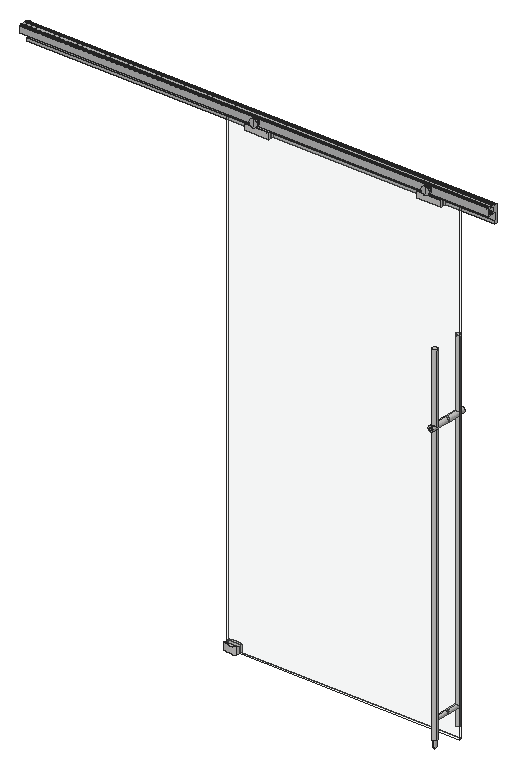
Revit family "Doors_Sliding_Avanti_Systems_Cloud-Assisted-Close-Premium-Sliding-Glass-Door_Glass-Mount-Dbl-Glazed", category Doors, Revit 2015 (continued)
Definition of nested family "Handle"
  Definition of nested family "Handle_For-Glass_Rounded_600mm"
    Parameters (values of type "Handle_For-Glass_Rounded_600mm")
      Handle Material [instance] = none
      Handle Height [instance] = 48"  # constant formula
      Default Elevation = 48"
    Reference planes (in)
      plane 1 "Center (Front/Back)": y = 0
      plane 2: z = 26.93599
      plane 3 "Center (Left/Right)": x = 0
      plane 4: z = 0
      plane 5: z = -2.66749
      plane 6: y = -28.44876
      plane 7: y = 14.63423
      plane 8: y = -33.36577
    Forms (in)
      Sweep 1, solid, material <- "Handle Material"
        path origin (0, -17.24158, 0) x (0, 0, 1) y (0, -1, 0)
          loop
            line (-2.10925, 11.20718) -> (0, 11.20718)
        profile origin (0, -28.44876, 0) x (0, -1, 0) y (1, 0, 0)
          loop
            circle (0, 0) r 0.3125
      Sweep 2, solid, material <- "Handle Material"
        path origin (0, 10.76459, 0) x (0, 0, 1) y (0, -1, 0)
          loop
            line (-2.30394, 1.07019) -> (0, 1.07019)
        profile origin (0, 9.69441, 0) x (0, -1, 0) y (1, 0, 0)
          loop
            circle (0, 0) r 0.3125
      Extrusion 3, solid, material <- "Handle Material"
        sketch origin (0, -17.24158, 0) x (1, 0, 0) y (0, 0, -1)
          loop
            circle (0, 2.27257) r 0.39445
        from -16.12419 to 31.87581
    Dimensions and locks (in)
      locked: plane 8 to plane 6 at 4.91701
      "Handle Height": plane 7 to plane 8
      aligned and locked: plane 7 to Extrusion 3
      aligned and locked: Extrusion 3 to plane 8
  Definition of nested family "Handle_For-Glass_Rounded_60in"
    Parameters (values of type "60"")
      No locker [instance] = yes
      Locker [instance] = yes
      Handle Material [instance] = none
      Handle Height [instance] = 60"  # constant formula
    Reference planes (in)
      plane 1 "Center (Front/Back)": y = 0
      plane 2: z = 19.87581
      plane 3 "Center (Left/Right)": x = 0
      plane 4: z = 2.66749
      plane 5: y = -36.97039
      plane 6: z = 0
      plane 7: y = 20.02961
      plane 8: y = -39.97039
    Forms (in)
      Sweep 1, solid, material <- "Handle Material"
        path origin (0, -11.8462, 0) x (0, 0, -1) y (0, 1, 0)
          loop
            line (-2.10925, -25.12419) -> (0, -25.12419)
        profile origin (0, -36.97039, 0) x (1, 0, 0) y (0, 1, 0)
          loop
            circle (0, 0) r 0.3125
      Sweep 2, solid, material <- "Handle Material"
        path origin (0, 16.15997, 0) x (0, 0, -1) y (0, 1, 0)
          loop
            line (-3.10757, -8.13036) -> (0, -8.13036)
        profile origin (0, 8.02961, 0) x (1, 0, 0) y (0, 1, 0)
          loop
            circle (0, 0) r 0.4375
      Extrusion 3, solid, material <- "Handle Material"
        sketch origin (0, -11.8462, 0) x (1, 0, 0) y (0, 0, -1)
          loop
            circle (0, -2.27257) r 0.39445
        from -28.12419 to 31.87581
      Revolve 4, solid, material <- "Handle Material"
        sketch origin (0, -11.8462, 0) x (0, 0, -1) y (0, 1, 0)
          loop
            line (-3.10757, 20.0489) -> (-3.19084, 20.0489) -> (-3.19084, 19.87581) -> (-3.10757, 19.87581) -> (-3.10757, 20.0489)
          axis (-3.10757, 19.87581) -> (-3.19084, 19.87581)
        angle from 0 to 360
      Extrusion 5, solid, material <- "Handle Material", visible <- "Locker"
        sketch origin (0, -11.8462, 0) x (0, 0, -1) y (0, 1, 0)
          loop
            line (-3.19084, 19.98905) -> (-3.34908, 19.98905)
            arc (-3.34908, 19.98905) -> (-3.37904, 19.97664) -> (-3.39145, 19.94668) r 0.04237
            line (-3.39145, 19.94668) -> (-3.39145, 19.80495)
            arc (-3.39145, 19.80495) -> (-3.37904, 19.77499) -> (-3.34908, 19.76258) r 0.04237
            line (-3.34908, 19.76258) -> (-3.19084, 19.76258) -> (-3.19084, 19.98905)
        from -0.03592 to 0.03621
      Revolve 6, solid, material <- "Handle Material", visible <- "No locker"
        sketch origin (0, -11.62359, 0) x (0, 0, -1) y (0, 1, 0)
          loop
            line (-3.10757, 20.0489) -> (-3.20833, 20.0489) -> (-3.20833, 19.87581) -> (-3.10757, 19.87581) -> (-3.10757, 20.0489)
          axis (-3.10757, 19.87581) -> (-3.20833, 19.87581)
        angle from 0 to 360
      Revolve 7, solid, material <- "Handle Material", visible <- "Locker"
        sketch origin (0, -11.8462, 0) x (0, 0, -1) y (0, 1, 0)
          loop
            line (-2.27257, -28.12419) -> (-2.50833, -28.12419) -> (-2.50833, -29.32199) -> (-2.41048, -29.49919) -> (-2.27257, -29.49919) -> (-2.27257, -28.12419)
          axis (-2.27257, -28.12419) -> (-2.27257, -29.49919)
        angle from 0 to 360
    Lines and regions (in)
      reference lines
        curve 1: line (0, -40.47039, 2.66749) -> (0, -40.47039, 0)
    Dimensions and locks (in)
      locked: plane 8 to plane 5 at 3
      "Handle Height": plane 7 to plane 8
      aligned and locked: Extrusion 3 to plane 7
      aligned and locked: Extrusion 3 to plane 8
      aligned and locked: Sweep 1 sketch curve to plane 5
  Definition of nested family "Handle_For-Glass_Rounded_60in2"
    Parameters (values of type "60"")
      No locker [instance] = yes
      Locker [instance] = yes
      Handle Material [instance] = none
      Handle Height [instance] = 60"  # constant formula
    Reference planes (in)
      plane 1 "Center (Front/Back)": y = 0
      plane 2: z = 19.87581
      plane 3 "Center (Left/Right)": x = 0
      plane 4: y = -36.97039
      plane 5: z = 0
      plane 6: y = 20.02961
      plane 7: y = -39.97039
      plane 8: z = -2.66749
    Forms (in)
      Sweep 1, solid, material <- "Handle Material"
        path origin (0, -11.8462, 0) x (0, 0, 1) y (0, 1, 0)
          loop
            line (-2.10925, -25.12419) -> (0, -25.12419)
        profile origin (0, -36.97039, 0) x (0, -1, 0) y (1, 0, 0)
          loop
            circle (0, 0) r 0.3125
      Sweep 2, solid, material <- "Handle Material"
        path origin (0, 16.15997, 0) x (0, 0, 1) y (0, 1, 0)
          loop
            line (-3.10757, -8.13036) -> (0, -8.13036)
        profile origin (0, 8.02961, 0) x (0, -1, 0) y (1, 0, 0)
          loop
            circle (0, 0) r 0.4375
      Extrusion 3, solid, material <- "Handle Material"
        sketch origin (0, -11.8462, 0) x (1, 0, 0) y (0, 0, -1)
          loop
            circle (0, 2.27257) r 0.39445
        from -28.12419 to 31.87581
      Revolve 4, solid, material <- "Handle Material"
        sketch origin (0, -11.8462, 0) x (0, 0, 1) y (0, 1, 0)
          loop
            line (-3.10757, 20.0489) -> (-3.19084, 20.0489) -> (-3.19084, 19.87581) -> (-3.10757, 19.87581) -> (-3.10757, 20.0489)
          axis (-3.10757, 19.87581) -> (-3.19084, 19.87581)
        angle from 0 to 360
      Extrusion 5, solid, material <- "Handle Material", visible <- "Locker"
        sketch origin (0, -11.8462, 0) x (0, 0, 1) y (0, -1, 0)
          loop
            line (-3.19084, -19.98905) -> (-3.19084, -19.76258) -> (-3.34908, -19.76258)
            arc (-3.34908, -19.76258) -> (-3.37904, -19.77499) -> (-3.39145, -19.80495) r 0.04237
            line (-3.39145, -19.80495) -> (-3.39145, -19.94668)
            arc (-3.39145, -19.94668) -> (-3.37904, -19.97664) -> (-3.34908, -19.98905) r 0.04237
            line (-3.34908, -19.98905) -> (-3.19084, -19.98905)
        from -0.03592 to 0.03621
      Revolve 6, solid, material <- "Handle Material", visible <- "No locker"
        sketch origin (0, -11.62359, 0) x (0, 0, 1) y (0, 1, 0)
          loop
            line (-3.10757, 20.0489) -> (-3.20833, 20.0489) -> (-3.20833, 19.87581) -> (-3.10757, 19.87581) -> (-3.10757, 20.0489)
          axis (-3.10757, 19.87581) -> (-3.20833, 19.87581)
        angle from 0 to 360
      Revolve 7, solid, material <- "Handle Material", visible <- "Locker"
        sketch origin (0, -11.8462, 0) x (0, 0, 1) y (0, 1, 0)
          loop
            line (-2.27257, -28.12419) -> (-2.50833, -28.12419) -> (-2.50833, -29.32199) -> (-2.41048, -29.49919) -> (-2.27257, -29.49919) -> (-2.27257, -28.12419)
          axis (-2.27257, -28.12419) -> (-2.27257, -29.49919)
        angle from 0 to 360
    Lines and regions (in)
      reference lines
        curve 1: line (0, -40.47039, -2.66749) -> (0, -40.47039, 0)
    Dimensions and locks (in)
      locked: plane 7 to plane 4 at 3
      "Handle Height": plane 6 to plane 7
Definition of nested family "Trolley"
  Parameters (values of type "Family9")
    Thickness = 1/2"
    Side Width = (211/256" - Thickness) / 2  # 0.16211"
  Reference planes (in)
    plane 1 "Center (Front/Back)": y = 0
    plane 2: z = 0
    plane 3 "Center (Left/Right)": x = 0
    plane 4: x = -0.04013
  Lines and regions (in)
    model lines, in view "Ref. Level"
      curve 1: arc (-0.2825, 0.12022, 0) -> (-0.28668, 0.12104, 0) -> (-0.29068, 0.11957, 0) r 0.00786
      curve 2: arc (-0.33049, 0.09064, 0) -> (-0.32538, 0.08057, 0) -> (-0.32836, 0.06967, 0) r 0.0157
      curve 3: arc (-0.32836, 0.06967, 0) -> (-0.33789, 0.0636, 0) -> (-0.34903, 0.0655, 0) r 0.0157
      curve 4: arc (-0.34903, 0.0655, 0) -> (-0.356, 0.07439, 0) -> (-0.3552, 0.08566, 0) r 0.01571
      curve 5: arc (-0.313, 0.99934, 0) -> (-0.30945, 0.99723, 0) -> (-0.30532, 0.99722, 0) r 0.00782
      curve 6: arc (-0.26743, 1.00737, 0) -> (-0.26114, 1.01157, 0) -> (-0.2587, 1.01873, 0) r 0.01177
      curve 7: arc (-0.2587, 1.02833, 0) -> (-0.2596, 1.03284, 0) -> (-0.26215, 1.03666, 0) r 0.01176
      curve 8: arc (-0.26215, 1.03666, 0) -> (-0.26597, 1.03921, 0) -> (-0.27048, 1.04011, 0) r 0.01176
      curve 9: arc (-0.28547, 1.04011, 0) -> (-0.28908, 1.04098, 0) -> (-0.29188, 1.04342, 0) r 0.00785
      curve 10: arc (-0.29188, 1.04342, 0) -> (-0.29324, 1.04687, 0) -> (-0.29287, 1.05056, 0) r 0.00788
      curve 11: arc (-0.26794, 1.12119, 0) -> (-0.26078, 1.13066, 0) -> (-0.24946, 1.13426, 0) r 0.01959
      curve 12: arc (0.16445, 1.13426, 0) -> (0.17577, 1.13066, 0) -> (0.18294, 1.12119, 0) r 0.0196
      curve 13: arc (0.20786, 1.05057, 0) -> (0.20823, 1.04687, 0) -> (0.20686, 1.04342, 0) r 0.00784
      curve 14: arc (0.20686, 1.04342, 0) -> (0.20406, 1.04098, 0) -> (0.20046, 1.04011, 0) r 0.00781
      curve 15: arc (0.18546, 1.04011, 0) -> (0.18096, 1.03921, 0) -> (0.17715, 1.03666, 0) r 0.01173
      curve 16: arc (0.17715, 1.03666, 0) -> (0.1746, 1.03284, 0) -> (0.1737, 1.02833, 0) r 0.01176
      curve 17: arc (0.1737, 1.01873, 0) -> (0.17613, 1.01157, 0) -> (0.18243, 1.00737, 0) r 0.01177
      curve 18: arc (0.22032, 0.99722, 0) -> (0.22444, 0.99723, 0) -> (0.22799, 0.99933, 0) r 0.00782
      curve 19: arc (0.52132, 0.21601, 0) -> (0.49404, 0.21155, 0) -> (0.4718, 0.19513, 0) r 0.05889
      curve 20: arc (0.27018, 0.08566, 0) -> (0.271, 0.07439, 0) -> (0.26403, 0.0655, 0) r 0.01569
      curve 21: arc (0.26403, 0.0655, 0) -> (0.25289, 0.0636, 0) -> (0.24336, 0.06967, 0) r 0.0157
      curve 22: arc (0.24336, 0.06967, 0) -> (0.24038, 0.08057, 0) -> (0.24549, 0.09064, 0) r 0.0157
      curve 23: arc (0.20568, 0.11957, 0) -> (0.20168, 0.12104, 0) -> (0.1975, 0.12022, 0) r 0.00786
      curve 24: arc (0.1975, 0.12022, 0) -> (0.19438, 0.11732, 0) -> (0.19322, 0.11322, 0) r 0.00786
      curve 25: arc (0.58274, 0.02928, 0) -> (0.59239, 0.03476, 0) -> (0.60342, 0.03597, 0) r 0.02744
      curve 26: arc (0.60342, 0.03597, 0) -> (0.61403, 0.03272, 0) -> (0.62249, 0.02554, 0) r 0.02742
      curve 27: arc (-0.57127, 1.12367, 0) -> (-0.58582, 1.12454, 0) -> (-0.59686, 1.13406, 0) r 0.02276
      curve 28: arc (-0.60372, 1.14568, 0) -> (-0.61799, 1.15798, 0) -> (-0.6368, 1.1591, 0) r 0.02941
      curve 29: arc (-0.6368, 1.1591, 0) -> (-0.65243, 1.14858, 0) -> (-0.65847, 1.13073, 0) r 0.0294
      curve 30: arc (-0.65847, 0.03882, 0) -> (-0.65411, 0.02544, 0) -> (-0.64271, 0.01718, 0) r 0.02273
      curve 31: arc (-0.64271, 0.01718, 0) -> (-0.62862, 0.01722, 0) -> (-0.61725, 0.02554, 0) r 0.02277
      curve 32: arc (-0.61725, 0.02554, 0) -> (-0.6088, 0.03272, 0) -> (-0.59819, 0.03597, 0) r 0.0274
      curve 33: arc (-0.59819, 0.03597, 0) -> (-0.58715, 0.03476, 0) -> (-0.5775, 0.02927, 0) r 0.02746
      curve 34: arc (-0.27831, 0.11205, 0) -> (-0.27909, 0.11681, 0) -> (-0.2825, 0.12022, 0) r 0.00786
      curve 35: arc (0.55629, 1.27597, 0) -> (0.55247, 1.27852, 0) -> (0.54796, 1.27942, 0) r 0.01177
      curve 36: arc (0.51266, 1.27942, 0) -> (0.50815, 1.27852, 0) -> (0.50433, 1.27597, 0) r 0.01178
      curve 37: arc (0.50433, 1.27597, 0) -> (0.50178, 1.27215, 0) -> (0.50088, 1.26764, 0) r 0.01177
      curve 38: arc (0.50088, 1.09535, 0) -> (0.50004, 1.09182, 0) -> (0.49771, 1.08905, 0) r 0.00784
      curve 39: arc (0.49771, 1.08905, 0) -> (0.49437, 1.08761, 0) -> (0.49075, 1.08785, 0) r 0.0078
      curve 40: arc (0.26301, 1.27156, 0) -> (0.25872, 1.27725, 0) -> (0.25192, 1.27942, 0) r 0.01175
      curve 41: arc (0.23097, 1.27942, 0) -> (0.22336, 1.27664, 0) -> (0.21935, 1.2696, 0) r 0.01178
      curve 42: arc (0.21935, 1.2696, 0) -> (0.21534, 1.26258, 0) -> (0.20775, 1.2598, 0) r 0.01176
      curve 43: arc (0.06735, 1.2598, 0) -> (0.05975, 1.26258, 0) -> (0.05574, 1.26962, 0) r 0.01178
      curve 44: arc (0.05574, 1.26962, 0) -> (0.05173, 1.27664, 0) -> (0.04414, 1.27942, 0) r 0.01176
      curve 45: arc (-0.12881, 1.27942, 0) -> (-0.13332, 1.27852, 0) -> (-0.13714, 1.27597, 0) r 0.01178
      curve 46: arc (-0.13714, 1.27597, 0) -> (-0.13969, 1.27214, 0) -> (-0.14058, 1.26764, 0) r 0.01181
      curve 47: arc (-0.48495, 1.0705, 0) -> (-0.48884, 1.07003, 0) -> (-0.49247, 1.0715, 0) r 0.00786
      curve 48: arc (-0.49247, 1.0715, 0) -> (-0.49481, 1.07427, 0) -> (-0.49565, 1.0778, 0) r 0.00782
      curve 49: arc (-0.49565, 1.26764, 0) -> (-0.49655, 1.27215, 0) -> (-0.49911, 1.27597, 0) r 0.01177
      curve 50: arc (-0.49911, 1.27597, 0) -> (-0.50292, 1.27852, 0) -> (-0.50743, 1.27942, 0) r 0.01176
      curve 51: arc (-0.54273, 1.27942, 0) -> (-0.54724, 1.27852, 0) -> (-0.55106, 1.27597, 0) r 0.01178
      curve 52: arc (-0.55106, 1.27597, 0) -> (-0.55361, 1.27215, 0) -> (-0.55451, 1.26764, 0) r 0.0118
      curve 53: arc (-0.55451, 1.14563, 0) -> (-0.55918, 1.13182, 0) -> (-0.57127, 1.12367, 0) r 0.02275
      curve 54: arc (-0.14058, 1.25588, 0) -> (-0.14403, 1.24755, 0) -> (-0.15236, 1.2441, 0) r 0.01178
      curve 55: arc (-0.24652, 1.2441, 0) -> (-0.25102, 1.245, 0) -> (-0.25484, 1.24755, 0) r 0.01176
      curve 56: arc (-0.25484, 1.24755, 0) -> (-0.2574, 1.25137, 0) -> (-0.25829, 1.25588, 0) r 0.01178
      curve 57: arc (-0.25829, 1.26764, 0) -> (-0.25919, 1.27215, 0) -> (-0.26174, 1.27597, 0) r 0.0118
      curve 58: arc (-0.26174, 1.27597, 0) -> (-0.26556, 1.27852, 0) -> (-0.27007, 1.27942, 0) r 0.01178
      curve 59: arc (-0.29116, 1.27942, 0) -> (-0.29796, 1.27726, 0) -> (-0.30226, 1.27156, 0) r 0.01176
      curve 60: arc (0.55629, 1.27597, 0) -> (0.55885, 1.27215, 0) -> (0.55974, 1.26764, 0) r 0.01177
      curve 61: arc (0.55974, 1.14562, 0) -> (0.56441, 1.13181, 0) -> (0.5765, 1.12367, 0) r 0.02274
      curve 62: arc (0.5765, 1.12367, 0) -> (0.59105, 1.12454, 0) -> (0.60208, 1.13406, 0) r 0.02275
      curve 63: arc (0.60894, 1.14568, 0) -> (0.62322, 1.15798, 0) -> (0.64204, 1.1591, 0) r 0.02941
      curve 64: arc (0.64204, 1.1591, 0) -> (0.65767, 1.14858, 0) -> (0.66371, 1.13072, 0) r 0.02941
      curve 65: arc (0.66371, 0.03884, 0) -> (0.65935, 0.02544, 0) -> (0.64793, 0.01718, 0) r 0.02274
      curve 66: arc (0.64793, 0.01718, 0) -> (0.63385, 0.01722, 0) -> (0.62249, 0.02554, 0) r 0.02275
      curve 67: line (-0.29068, 0.11957, 0) -> (-0.33049, 0.09064, 0)
      curve 68: line (-0.3552, 0.08566, 0) -> (-0.49989, 0.12715, 0)
      curve 69: line (-0.49989, 0.12715, 0) -> (-0.58001, 0.22263, 0)
      curve 70: line (-0.58001, 0.22263, 0) -> (-0.58393, 0.22892, 0)
      curve 71: line (-0.58393, 0.93514, 0) -> (-0.55667, 0.9624, 0)
      curve 72: line (-0.55667, 0.9624, 0) -> (-0.341, 1.02833, 0)
      curve 73: line (-0.341, 1.02833, 0) -> (-0.313, 0.99934, 0)
      curve 74: line (-0.30532, 0.99722, 0) -> (-0.26743, 1.00737, 0)
      curve 75: line (-0.2587, 1.01873, 0) -> (-0.2587, 1.02833, 0)
      curve 76: line (-0.27048, 1.04011, 0) -> (-0.28547, 1.04011, 0)
      curve 77: line (-0.29287, 1.05056, 0) -> (-0.26794, 1.12119, 0)
      curve 78: line (-0.24946, 1.13426, 0) -> (0.16445, 1.13426, 0)
      curve 79: line (0.18294, 1.12119, 0) -> (0.20786, 1.05057, 0)
      curve 80: line (0.20046, 1.04011, 0) -> (0.18546, 1.04011, 0)
      curve 81: line (0.1737, 1.02833, 0) -> (0.1737, 1.01873, 0)
      curve 82: line (0.18243, 1.00737, 0) -> (0.22032, 0.99722, 0)
      curve 83: line (0.22799, 0.99933, 0) -> (0.25599, 1.02833, 0)
      curve 84: line (0.25599, 1.02833, 0) -> (0.47101, 0.96259, 0)
      curve 85: line (0.47101, 0.96259, 0) -> (0.50677, 0.96259, 0)
      curve 86: line (0.50677, 0.96259, 0) -> (0.53424, 0.93514, 0)
      curve 87: line (0.53424, 0.22892, 0) -> (0.52132, 0.21601, 0)
      curve 88: line (0.4718, 0.19513, 0) -> (0.41471, 0.1271, 0)
      curve 89: line (0.41471, 0.1271, 0) -> (0.27018, 0.08566, 0)
      curve 90: line (0.24549, 0.09064, 0) -> (0.20568, 0.11957, 0)
      curve 91: line (0.19322, 0.11322, 0) -> (0.19322, 0.05728, 0)
      curve 92: line (0.19322, 0.05728, 0) -> (0.26175, -0.01531, 0)
      curve 93: line (0.26175, -0.01531, 0) -> (0.53168, -0.01531, 0)
      curve 94: line (0.53168, -0.01531, 0) -> (0.58274, 0.02928, 0)
      curve 95: line (-0.59686, 1.13406, 0) -> (-0.60372, 1.14568, 0)
      curve 96: line (-0.65847, 1.19047, 0) -> (-0.65847, -0.03351, 0)
      curve 97: line (-0.5775, 0.02927, 0) -> (-0.53088, -0.01161, 0)
      curve 98: line (-0.53088, -0.01161, 0) -> (-0.34689, -0.01531, 0)
      curve 99: line (-0.34689, -0.01531, 0) -> (-0.27831, 0.05327, 0)
      curve 100: line (-0.27831, 0.05327, 0) -> (-0.27831, 0.11205, 0)
      curve 101: line (0.54796, 1.27942, 0) -> (0.51266, 1.27942, 0)
      curve 102: line (0.50088, 1.26764, 0) -> (0.50088, 1.09535, 0)
      curve 103: line (0.49075, 1.08785, 0) -> (0.30814, 1.14368, 0)
      curve 104: line (0.30814, 1.14368, 0) -> (0.26301, 1.27156, 0)
      curve 105: line (0.25192, 1.27942, 0) -> (0.23097, 1.27942, 0)
      curve 106: line (0.20775, 1.2598, 0) -> (0.06735, 1.2598, 0)
      curve 107: line (0.04414, 1.27942, 0) -> (-0.12881, 1.27942, 0)
      curve 108: line (-0.14058, 1.26764, 0) -> (-0.14058, 1.25588, 0)
      curve 109: line (-0.49565, 1.0778, 0) -> (-0.49565, 1.26764, 0)
      curve 110: line (-0.50743, 1.27942, 0) -> (-0.54273, 1.27942, 0)
      curve 111: line (-0.55451, 1.26764, 0) -> (-0.55451, 1.14563, 0)
      curve 112: line (-0.15236, 1.2441, 0) -> (-0.24652, 1.2441, 0)
      curve 113: line (-0.25829, 1.25588, 0) -> (-0.25829, 1.26764, 0)
      curve 114: line (-0.27007, 1.27942, 0) -> (-0.29116, 1.27942, 0)
      curve 115: line (-0.30226, 1.27156, 0) -> (-0.3597, 1.10877, 0)
      curve 116: line (-0.3597, 1.10877, 0) -> (-0.48495, 1.0705, 0)
      curve 117: line (0.55974, 1.26764, 0) -> (0.55974, 1.14562, 0)
      curve 118: line (0.60208, 1.13406, 0) -> (0.60894, 1.14568, 0)
      curve 119: line (0.66371, 1.13072, 0) -> (0.66371, 0.03884, 0)
      curve 120: line (0.1189, 0.97126, 0) -> (0.1189, 0.94444, 0)
      curve 121: line (0.07255, -0.06751, 0) -> (0.1028, -0.0876, 0)
      curve 122: line (0.1028, -0.0876, 0) -> (0.07707, -0.10712, 0)
      curve 123: line (0.07707, -0.10712, 0) -> (0.103, -0.12286, 0)
      curve 124: line (0.103, -0.12286, 0) -> (0.0766, -0.14279, 0)
      curve 125: line (0.0766, -0.14279, 0) -> (0.10211, -0.15841, 0)
      curve 126: line (0.10211, -0.15841, 0) -> (0.07759, -0.17634, 0)
      curve 127: line (0.07759, -0.17634, 0) -> (0.10233, -0.192, 0)
      curve 128: line (0.10233, -0.192, 0) -> (0.07822, -0.21116, 0)
      curve 129: line (0.07822, -0.21116, 0) -> (0.10275, -0.22793, 0)
      curve 130: line (0.10275, -0.22793, 0) -> (0.0781, -0.24679, 0)
      curve 131: line (0.0781, -0.24679, 0) -> (0.10256, -0.26303, 0)
      curve 132: line (0.10256, -0.26303, 0) -> (0.07682, -0.28255, 0)
      curve 133: line (0.07682, -0.28255, 0) -> (0.10275, -0.2983, 0)
      curve 134: line (0.10275, -0.2983, 0) -> (0.07634, -0.31823, 0)
      curve 135: line (0.07634, -0.31823, 0) -> (0.10186, -0.33383, 0)
      curve 136: line (0.10186, -0.33383, 0) -> (0.07842, -0.34937, 0)
      curve 137: line (-0.16213, -0.34937, 0) -> (-0.18497, -0.33356, 0)
      curve 138: line (-0.18497, -0.33356, 0) -> (-0.16047, -0.31192, 0)
      curve 139: line (-0.16047, -0.31192, 0) -> (-0.18505, -0.29716, 0)
      curve 140: line (-0.18505, -0.29716, 0) -> (-0.16156, -0.27779, 0)
      curve 141: line (-0.1626, -0.27446, 0) -> (-0.18499, -0.2613, 0)
      curve 142: line (-0.18499, -0.2613, 0) -> (-0.16168, -0.24085, 0)
      curve 143: line (-0.16168, -0.24085, 0) -> (-0.18505, -0.22594, 0)
      curve 144: line (-0.18505, -0.22594, 0) -> (-0.16133, -0.20517, 0)
      curve 145: line (-0.16133, -0.20517, 0) -> (-0.18499, -0.19145, 0)
      curve 146: line (-0.18499, -0.19145, 0) -> (-0.16131, -0.17432, 0)
      curve 147: line (-0.16385, -0.17257, 0) -> (0.0766, -0.14279, 0)
      curve 148: line (-0.16131, -0.17432, 0) -> (-0.18472, -0.15812, 0)
      curve 149: line (-0.18472, -0.15812, 0) -> (-0.16022, -0.13648, 0)
      curve 150: line (-0.16022, -0.13648, 0) -> (-0.1848, -0.12172, 0)
      curve 151: line (-0.1848, -0.12172, 0) -> (-0.15939, -0.10076, 0)
      curve 152: line (-0.15939, -0.10076, 0) -> (-0.18475, -0.08586, 0)
      curve 153: line (-0.18475, -0.08586, 0) -> (-0.16369, -0.06763, 0)
      curve 154: line (-0.15964, -0.27619, 0) -> (0.07651, -0.24698, 0)
      curve 155: line (0.07651, -0.24698, 0) -> (-0.16406, -0.27674, 0)
      curve 156: line (-0.16132, -0.20518, 0) -> (0.07645, -0.17562, 0)
      curve 157: line (-0.1604, -0.34754, 0) -> (0.07634, -0.31822, 0)
      curve 158: line (0.07634, -0.31822, 0) -> (-0.1604, -0.34754, 0)
      curve 159: line (0.07654, -0.28259, 0) -> (-0.16047, -0.31192, 0)
      curve 160: line (-0.16047, -0.31192, 0) -> (0.07654, -0.28259, 0)
      curve 161: line (0.07648, -0.21138, 0) -> (-0.16168, -0.24085, 0)
      curve 162: line (-0.16168, -0.24085, 0) -> (0.07648, -0.21138, 0)
      curve 163: line (-0.15939, -0.10075, 0) -> (0.07677, -0.07154, 0)
      curve 164: line (0.07677, -0.07154, 0) -> (-0.15939, -0.10075, 0)
      curve 165: line (0.07681, -0.10715, 0) -> (-0.16022, -0.13648, 0)
      curve 166: line (-0.16022, -0.13648, 0) -> (0.07681, -0.10715, 0)
      curve 167: line (-0.3324, 0.1043, 0) -> (-0.36181, 0.1043, 0)
      curve 168: line (-0.36181, 0.1043, 0) -> (-0.36181, 0.52802, 0)
      curve 169: line (-0.36181, 0.52802, 0) -> (-0.36181, 0.95175, 0)
      curve 170: line (-0.36181, 0.95175, 0) -> (-0.3324, 0.95175, 0)
      curve 171: line (-0.3324, 0.95175, 0) -> (-0.25394, 0.87329, 0)
      curve 172: line (-0.25394, 0.87329, 0) -> (-0.25394, 0.18276, 0)
      curve 173: line (-0.25394, 0.18276, 0) -> (-0.3324, 0.1043, 0)
      curve 174: line (-0.3324, 0.1043, 0) -> (-0.3324, 0.52802, 0)
      curve 175: line (-0.3324, 0.52802, 0) -> (-0.3324, 0.95175, 0)
      curve 176: line (-0.36181, 0.1043, 0) -> (-0.49687, 0.15034, 0)
      curve 177: line (-0.49687, 0.15034, 0) -> (-0.49687, 0.90294, 0)
      curve 178: line (-0.49687, 0.90294, 0) -> (-0.36182, 0.95175, 0)
      curve 179: line (0.25218, 0.1043, 0) -> (0.28159, 0.1043, 0)
      curve 180: line (0.28159, 0.1043, 0) -> (0.25218, 0.1043, 0)
      curve 181: line (0.25218, 0.1043, 0) -> (0.17371, 0.18276, 0)
      curve 182: line (0.17371, 0.18276, 0) -> (0.17371, 0.87329, 0)
      curve 183: line (0.17371, 0.87329, 0) -> (0.25218, 0.95175, 0)
      curve 184: line (0.25218, 0.95175, 0) -> (0.28155, 0.95175, 0)
      curve 185: line (0.28155, 0.95175, 0) -> (0.25218, 0.95175, 0)
      curve 186: line (0.25218, 0.95175, 0) -> (0.25218, 0.52802, 0)
      curve 187: line (0.25218, 0.52802, 0) -> (0.25218, 0.1043, 0)
      curve 188: line (0.15254, 0.70472, 0) -> (0.16979, 0.70458, 0)
      curve 189: line (0.17371, 0.70458, 0) -> (0.17371, 0.35147, 0)
      curve 190: line (-0.25394, 0.70458, 0) -> (-0.23969, 0.70458, 0)
      curve 191: line (-0.21066, 0.94444, 0) -> (-0.21066, 0.97669, 0)
      curve 192: line (-0.21066, 0.97938, 0) -> (-0.21066, 0.98778, 0)
      curve 193: line (-0.21066, 0.99054, 0) -> (-0.21066, 1.00767, 0)
      curve 194: line (-0.21066, 1.00767, 0) -> (-0.04588, 1.01156, 0)
      curve 195: line (-0.04588, 1.01156, 0) -> (0.1189, 1.00868, 0)
      curve 196: line (0.1189, 1.00603, 0) -> (0.1189, 0.99054, 0)
      curve 197: line (0.1189, 0.89418, 0) -> (0.1189, 0.91364, 0)
      curve 198: line (0.02082, 0.73326, 0) -> (0.02082, 0.76032, 0)
      curve 199: line (0.02082, 0.76032, 0) -> (-0.11257, 0.76032, 0)
      curve 200: line (-0.11257, 0.76032, 0) -> (-0.11257, 0.73326, 0)
      curve 201: line (-0.37201, 0.94807, 0) -> (-0.3722, 0.95842, 0)
      curve 202: line (-0.3722, 0.95842, 0) -> (-0.27464, 0.95927, 0)
      curve 203: line (-0.27464, 0.95927, 0) -> (-0.21066, 0.95983, 0)
      curve 204: line (-0.21066, 0.78593, 0) -> (-0.21066, 0.7941, 0)
      curve 205: line (-0.21066, 0.7941, 0) -> (-0.21066, 0.88274, 0)
      curve 206: line (-0.21066, 0.88274, 0) -> (-0.21066, 0.98111, 0)
      curve 207: line (-0.21066, 0.98111, 0) -> (-0.21066, 0.99054, 0)
      curve 208: line (0.29612, 0.94636, 0) -> (0.29612, 0.95842, 0)
      curve 209: line (0.29612, 0.95842, 0) -> (0.28044, 0.95842, 0)
      curve 210: line (0.28044, 0.95842, 0) -> (0.18289, 0.95927, 0)
      curve 211: line (0.18289, 0.95927, 0) -> (0.18008, 0.87966, 0)
      curve 212: line (0.18008, 0.87966, 0) -> (0.18289, 0.95927, 0)
      curve 213: line (0.18289, 0.95927, 0) -> (0.1189, 0.95983, 0)
      curve 214: line (-0.27228, 0.89163, 0) -> (-0.27464, 0.95927, 0)
      curve 215: line (0.02082, 0.76032, 0) -> (0.17371, 0.76032, 0)
      curve 216: line (-0.25394, 0.76032, 0) -> (-0.11257, 0.76032, 0)
      curve 217: line (-0.21066, 0.76032, 0) -> (-0.21066, 0.78309, 0)
      curve 218: line (-0.21066, 0.78593, 0) -> (-0.21066, 0.76032, 0)
      curve 219: line (-0.04588, 0.76032, 0) -> (0.11016, 0.76032, 0)
      curve 220: line (-0.21066, 0.7941, 0) -> (-0.21066, 0.76936, 0)
      curve 221: line (0.1189, 0.79409, 0) -> (0.1189, 0.78594, 0)
      curve 222: line (0.1189, 0.78594, 0) -> (0.1189, 0.76032, 0)
      curve 223: line (-0.2036, 0.97266, 0) -> (-0.04588, 0.97633, 0)
      curve 224: line (-0.04588, 0.97633, 0) -> (0.11184, 0.97266, 0)
      curve 225: line (0.1189, 1.00868, 0) -> (0.1189, 0.88274, 0)
      curve 226: line (0.1189, 0.88274, 0) -> (0.1189, 0.79409, 0)
      curve 227: line (0.1189, 0.79409, 0) -> (0.1189, 0.76936, 0)
      curve 228: line (0.17371, 0.73326, 0) -> (0.15254, 0.73326, 0)
      curve 229: line (0.15254, 0.73326, 0) -> (-0.04358, 0.73326, 0)
      curve 230: line (-0.04358, 0.73326, 0) -> (-0.23969, 0.73326, 0)
      curve 231: line (-0.23969, 0.73326, 0) -> (-0.25394, 0.73326, 0)
      curve 232: line (-0.23969, 0.09571, 0) -> (-0.12199, 0.09571, 0)
      curve 233: line (-0.12199, 0.09571, 0) -> (-0.04362, 0.09571, 0)
      curve 234: line (-0.04362, 0.09571, 0) -> (0.03484, 0.09571, 0)
      curve 235: line (0.03484, 0.09571, 0) -> (0.15254, 0.09571, 0)
      curve 236: line (-0.23969, 0.73326, 0) -> (-0.23969, 0.71315, 0)
      curve 237: line (-0.23969, 0.71315, 0) -> (-0.23969, 0.68029, 0)
      curve 238: line (-0.23969, 0.71315, 0) -> (-0.04358, 0.71315, 0)
      curve 239: line (-0.04358, 0.71315, 0) -> (-0.04358, 0.68029, 0)
      curve 240: line (-0.04358, 0.68029, 0) -> (0.15254, 0.68029, 0)
      curve 241: line (0.15254, 0.68029, 0) -> (0.15254, 0.30597, 0)
      curve 242: line (0.15254, 0.30597, 0) -> (0.15254, 0.09571, 0)
      curve 243: line (0.15254, 0.09571, 0) -> (0.15254, -0.06751, 0)
      curve 244: line (0.15254, -0.06751, 0) -> (0.06477, -0.06751, 0)
      curve 245: line (0.03484, 0.09571, 0) -> (0.03484, -0.06751, 0)
      curve 246: line (0.03484, -0.06751, 0) -> (0.06477, -0.06751, 0)
      curve 247: line (0.06477, -0.06751, 0) -> (0.03484, -0.06751, 0)
      curve 248: line (0.03484, -0.06751, 0) -> (-0.04358, -0.06751, 0)
      curve 249: line (-0.04358, -0.06751, 0) -> (-0.12199, -0.06751, 0)
      curve 250: line (-0.12199, -0.06751, 0) -> (-0.12199, 0.09571, 0)
      curve 251: line (-0.12199, -0.06751, 0) -> (-0.15192, -0.06751, 0)
      curve 252: line (-0.15192, -0.06751, 0) -> (-0.23969, -0.06751, 0)
      curve 253: line (-0.23969, -0.06751, 0) -> (-0.23969, 0.09571, 0)
      curve 254: line (-0.23969, 0.09571, 0) -> (-0.23969, 0.30597, 0)
      curve 255: line (-0.23969, 0.30597, 0) -> (-0.23969, 0.68029, 0)
      curve 256: line (-0.23969, 0.68029, 0) -> (-0.04358, 0.68029, 0)
      curve 257: line (0.15254, 0.73326, 0) -> (0.15254, 0.71315, 0)
      curve 258: line (0.15254, 0.71315, 0) -> (0.15254, 0.68029, 0)
      curve 259: line (0.15254, 0.71315, 0) -> (-0.04358, 0.71315, 0)
      curve 260: line (-0.04358, 0.71315, 0) -> (-0.04358, 0.73326, 0)
      curve 261: line (0.28159, 0.95163, 0) -> (0.28159, 0.52802, 0)
      curve 262: line (0.28159, 0.52802, 0) -> (0.28159, 0.1043, 0)
      curve 263: line (0.28159, 0.1043, 0) -> (0.40899, 0.15031, 0)
      curve 264: line (0.40899, 0.15031, 0) -> (0.40899, 0.90538, 0)
      curve 265: line (0.23785, -0.54555, 0) -> (0.37151, -0.54555, 0)
      curve 266: line (0.37151, -0.54555, 0) -> (0.37151, -1.54623, 0)
      curve 267: line (0.37151, -1.54623, 0) -> (0.20941, -1.54623, 0)
      curve 268: line (0.20941, -1.54623, 0) -> (0.20941, -0.5456, 0)
      curve 269: line (0.23785, -0.54555, 0) -> (-0.31811, -0.54666, 0)
      curve 270: line (-0.4527, -0.54666, 0) -> (-0.31811, -0.54666, 0)
      curve 271: line (-0.29059, -0.5466, 0) -> (-0.29059, -1.54623, 0)
      curve 272: line (-0.29059, -1.54623, 0) -> (-0.4527, -1.54623, 0)
      curve 273: line (-0.4527, -1.54623, 0) -> (-0.4527, -0.54666, 0)
      curve 274: line (-0.29546, -0.50632, 0) -> (-0.29546, -0.34937, 0)
      curve 275: line (-0.29546, -0.34937, 0) -> (0.21458, -0.34937, 0)
      curve 276: line (0.21458, -0.34937, 0) -> (0.21458, -0.50632, 0)
      curve 277: line (-0.17776, -0.34937, 0) -> (-0.17776, -0.50632, 0)
      curve 278: line (0.09688, -0.34937, 0) -> (0.09688, -0.50632, 0)
      curve 279: line (-0.37393, -0.54666, 0) -> (-0.37393, -0.50632, 0)
      curve 280: line (-0.37393, -0.50632, 0) -> (0.21458, -0.50632, 0)
      curve 281: line (0.21458, -0.50632, 0) -> (0.29305, -0.50632, 0)
      curve 282: line (0.29305, -0.50632, 0) -> (0.29305, -0.54555, 0)
      curve 283: line (0.28159, 0.95163, 0) -> (0.40899, 0.90538, 0)
      curve 284: line (-1.11387, 1.06493, 0) -> (-0.7315, 1.06493, 0)
      curve 285: line (-0.7315, 1.06493, 0) -> (-0.7315, 0.09202, 0)
      curve 286: line (-0.7315, 0.09202, 0) -> (-1.11387, 0.09202, 0)
      curve 287: line (-1.11387, 0.09202, 0) -> (-1.11387, 1.06493, 0)
      curve 288: line (-1.11387, 1.06493, 0) -> (-1.23941, 1.20616, 0)
      curve 289: line (-1.23941, 1.20616, 0) -> (-1.23941, -0.04921, 0)
      curve 290: line (-1.23941, -0.04921, 0) -> (-1.11387, 0.09202, 0)
      curve 291: line (-0.7315, 1.06493, 0) -> (-0.7315, 1.19047, 0)
      curve 292: line (-0.7315, 1.19047, 0) -> (-0.65847, 1.19047, 0)
      curve 293: line (-0.7315, 0.09202, 0) -> (-0.7315, -0.03351, 0)
      curve 294: line (-0.7315, -0.03351, 0) -> (-0.65847, -0.03351, 0)
      curve 297: arc (0.97559, 0.20593, 0) -> (0.97409, 0.19842, 0) -> (0.96984, 0.19206, 0) r 0.01961
      curve 298: arc (0.96984, 0.19206, 0) -> (0.96348, 0.18781, 0) -> (0.95598, 0.18631, 0) r 0.01958
      curve 299: arc (0.91616, 0.18631, 0) -> (0.90419, 0.19038, 0) -> (0.8972, 0.2009, 0) r 0.01961
      curve 300: arc (0.8972, 0.2009, 0) -> (0.88505, 0.23001, 0) -> (0.86552, 0.25477, 0) r 0.11604
      curve 301: arc (0.86552, 0.25477, 0) -> (0.82679, 0.27938, 0) -> (0.78154, 0.28702, 0) r 0.11585
      curve 302: arc (0.78157, 0.28702, 0) -> (0.77081, 0.28339, 0) -> (0.76386, 0.27442, 0) r 0.01964
      curve 303: arc (0.76386, 0.27442, 0) -> (0.76179, 0.26352, 0) -> (0.76364, 0.25258, 0) r 0.03141
      curve 304: arc (0.76364, 0.25258, 0) -> (0.77048, 0.24056, 0) -> (0.78355, 0.23604, 0) r 0.01962
      curve 305: arc (0.78355, 0.23604, 0) -> (0.82016, 0.22587, 0) -> (0.84476, 0.19691, 0) r 0.06473
      curve 306: arc (0.84476, 0.19691, 0) -> (0.84887, 0.15913, 0) -> (0.83107, 0.12555, 0) r 0.06475
      curve 307: arc (0.83107, 0.12555, 0) -> (0.79749, 0.10775, 0) -> (0.75971, 0.11186, 0) r 0.06475
      curve 308: arc (0.75971, 0.11186, 0) -> (0.73075, 0.13647, 0) -> (0.72058, 0.17308, 0) r 0.06477
      curve 309: arc (0.72058, 0.17308, 0) -> (0.71607, 0.18614, 0) -> (0.70407, 0.19299, 0) r 0.01963
      curve 310: arc (0.70407, 0.19299, 0) -> (0.69311, 0.19483, 0) -> (0.6822, 0.19276, 0) r 0.03155
      curve 311: arc (0.6822, 0.19276, 0) -> (0.67306, 0.18556, 0) -> (0.6696, 0.17445, 0) r 0.01961
      curve 312: arc (0.6695, 0.02612, 0) -> (0.66376, 0.01227, 0) -> (0.64991, 0.00651, 0) r 0.01962
      curve 313: arc (0.60801, 0.015, 0) -> (0.59462, 0.02028, 0) -> (0.58123, 0.015, 0) r 0.01962
      curve 314: arc (0.54679, -0.01715, 0) -> (0.54449, -0.02115, 0) -> (0.54485, -0.02576, 0) r 0.00784
      curve 315: arc (0.54485, -0.02576, 0) -> (0.54773, -0.02936, 0) -> (0.55214, -0.03072, 0) r 0.00783
      curve 316: arc (0.66949, -0.03072, 0) -> (0.68451, -0.02774, 0) -> (0.69725, -0.01924, 0) r 0.03927
      curve 317: arc (0.69725, -0.01924, 0) -> (0.70574, -0.00651, 0) -> (0.70873, 0.0085, 0) r 0.03924
      curve 318: arc (0.70873, 0.06861, 0) -> (0.70985, 0.07264, 0) -> (0.71288, 0.07552, 0) r 0.00784
      curve 319: arc (0.71288, 0.07552, 0) -> (0.71697, 0.07644, 0) -> (0.72095, 0.07512, 0) r 0.00785
      curve 320: arc (0.72095, 0.07512, 0) -> (0.73404, 0.06755, 0) -> (0.748, 0.06175, 0) r 0.11571
      curve 321: arc (0.79313, 0.00851, 0) -> (0.79764, 0.00941, 0) -> (0.80146, 0.01195, 0) r 0.01181
      curve 322: arc (0.80146, 0.01195, 0) -> (0.80402, 0.01577, 0) -> (0.80491, 0.02028, 0) r 0.01178
      curve 323: arc (0.80491, 0.04774, 0) -> (0.8074, 0.05497, 0) -> (0.81379, 0.05916, 0) r 0.01178
      curve 324: arc (0.81379, 0.05916, 0) -> (0.85823, 0.08146, 0) -> (0.8892, 0.12035, 0) r 0.11573
      curve 325: arc (0.8892, 0.12035, 0) -> (0.89644, 0.12836, 0) -> (0.90681, 0.13132, 0) r 0.01961
      curve 326: arc (0.95596, 0.13132, 0) -> (0.96984, 0.12558, 0) -> (0.97559, 0.1117, 0) r 0.01963
      curve 327: arc (0.97559, -1.65499, 0) -> (0.97469, -1.65949, 0) -> (0.97213, -1.6633, 0) r 0.01173
      curve 328: arc (0.97213, -1.6633, 0) -> (0.96831, -1.66585, 0) -> (0.9638, -1.66675, 0) r 0.01178
      curve 329: arc (0.78333, -1.66675, 0) -> (0.77883, -1.66585, 0) -> (0.77501, -1.6633, 0) r 0.01176
      curve 330: arc (0.77501, -1.6633, 0) -> (0.77245, -1.65949, 0) -> (0.77156, -1.65499, 0) r 0.01173
      curve 331: arc (0.77156, -1.31367, 0) -> (0.76581, -1.2998, 0) -> (0.75194, -1.29406, 0) r 0.01962
      curve 332: arc (0.67348, -1.29406, 0) -> (0.66147, -1.29645, 0) -> (0.65128, -1.30326, 0) r 0.03139
      curve 333: arc (0.65128, -1.30326, 0) -> (0.64448, -1.31344, 0) -> (0.64209, -1.32545, 0) r 0.03139
      curve 334: arc (0.64209, -1.3897, 0) -> (0.64293, -1.39274, 0) -> (0.64522, -1.39491, 0) r 0.00588
      curve 335: arc (0.64522, -1.39491, 0) -> (0.6483, -1.39558, 0) -> (0.65129, -1.39457, 0) r 0.00591
      curve 336: arc (0.65129, -1.59767, 0) -> (0.6483, -1.59665, 0) -> (0.64522, -1.59732, 0) r 0.00591
      curve 337: arc (0.64522, -1.59732, 0) -> (0.64293, -1.59949, 0) -> (0.64209, -1.60253, 0) r 0.00587
      curve 338: arc (0.64209, -1.70602, 0) -> (0.6437, -1.71379, 0) -> (0.64825, -1.72029, 0) r 0.0196
      curve 339: arc (0.64825, -1.72029, 0) -> (0.65501, -1.72446, 0) -> (0.66287, -1.7256, 0) r 0.01957
      curve 340: arc (1.01483, -1.7256, 0) -> (1.02233, -1.7241, 0) -> (1.02869, -1.71985, 0) r 0.01957
      curve 341: arc (1.02869, -1.71985, 0) -> (1.03294, -1.71349, 0) -> (1.03443, -1.70598, 0) r 0.01961
      curve 342: arc (1.03443, 1.19259, 0) -> (1.02868, 1.20646, 0) -> (1.01481, 1.21221, 0) r 0.01962
      curve 343: arc (0.9952, 1.21221, 0) -> (0.98769, 1.21072, 0) -> (0.98132, 1.20647, 0) r 0.01963
      curve 344: arc (0.98132, 1.20647, 0) -> (0.97708, 1.20011, 0) -> (0.97558, 1.1926, 0) r 0.01961
      curve 345: arc (0.69793, 1.16199, 0) -> (0.67004, 1.19096, 0) -> (0.63115, 1.20121, 0) r 0.07454
      curve 346: arc (0.63115, 1.20121, 0) -> (0.59259, 1.18978, 0) -> (0.56558, 1.15997, 0) r 0.07454
      curve 347: arc (0.56558, 1.13845, 0) -> (0.56648, 1.13394, 0) -> (0.56903, 1.13012, 0) r 0.01178
      curve 348: arc (0.56903, 1.13012, 0) -> (0.57285, 1.12758, 0) -> (0.57736, 1.12668, 0) r 0.01181
      curve 349: arc (0.58467, 1.12668, 0) -> (0.59193, 1.12918, 0) -> (0.5961, 1.13563, 0) r 0.01177
      curve 350: arc (0.5961, 1.13563, 0) -> (0.61113, 1.15736, 0) -> (0.63679, 1.16367, 0) r 0.03728
      curve 351: arc (0.63679, 1.16367, 0) -> (0.66018, 1.15139, 0) -> (0.66955, 1.12668, 0) r 0.03726
      curve 352: line (0.68133, 1.10707, 0) -> (0.97559, 1.10707, 0)
      curve 353: line (0.97559, 1.10707, 0) -> (0.97559, 0.20593, 0)
      curve 354: line (0.95598, 0.18631, 0) -> (0.91616, 0.18631, 0)
      curve 355: line (0.66955, 0.17445, 0) -> (0.66955, 0.02612, 0)
      curve 356: line (0.64991, 0.00651, 0) -> (0.6202, 0.00651, 0)
      curve 357: line (0.6202, 0.00651, 0) -> (0.60801, 0.015, 0)
      curve 358: line (0.58123, 0.015, 0) -> (0.54679, -0.01715, 0)
      curve 359: line (0.55214, -0.03072, 0) -> (0.66949, -0.03072, 0)
      curve 360: line (0.70873, 0.0085, 0) -> (0.70873, 0.06861, 0)
      curve 361: line (0.748, 0.06175, 0) -> (0.77875, 0.00851, 0)
      curve 362: line (0.77875, 0.00851, 0) -> (0.79313, 0.00851, 0)
      curve 363: line (0.80491, 0.02028, 0) -> (0.80491, 0.04774, 0)
      curve 364: line (0.90681, 0.13132, 0) -> (0.95596, 0.13132, 0)
      curve 365: line (0.97559, 0.1117, 0) -> (0.97559, -1.65499, 0)
      curve 366: line (0.9638, -1.66675, 0) -> (0.78333, -1.66675, 0)
      curve 367: line (0.77156, -1.65499, 0) -> (0.77156, -1.31367, 0)
      curve 368: line (0.75194, -1.29406, 0) -> (0.67348, -1.29406, 0)
      curve 369: line (0.64209, -1.32545, 0) -> (0.64209, -1.3897, 0)
      curve 370: line (0.65129, -1.39457, 0) -> (0.67489, -1.37804, 0)
      curve 371: line (0.67489, -1.37804, 0) -> (0.67794, -1.33329, 0)
      curve 372: line (0.67794, -1.33329, 0) -> (0.72449, -1.33329, 0)
      curve 373: line (0.72449, -1.33329, 0) -> (0.72449, -1.65893, 0)
      curve 374: line (0.72449, -1.65893, 0) -> (0.6774, -1.65893, 0)
      curve 375: line (0.6774, -1.65893, 0) -> (0.6774, -1.61901, 0)
      curve 376: line (0.6774, -1.61901, 0) -> (0.65129, -1.59767, 0)
      curve 377: line (0.64209, -1.60253, 0) -> (0.64209, -1.70602, 0)
      curve 378: line (0.66287, -1.7256, 0) -> (1.01483, -1.7256, 0)
      curve 379: line (1.03443, -1.70598, 0) -> (1.03443, 1.19259, 0)
      curve 380: line (1.01481, 1.21221, 0) -> (0.9952, 1.21221, 0)
      curve 381: line (0.97559, 1.1926, 0) -> (0.97559, 1.16199, 0)
      curve 382: line (0.97559, 1.16199, 0) -> (0.69793, 1.16199, 0)
      curve 383: line (0.56558, 1.15997, 0) -> (0.56558, 1.13845, 0)
      curve 384: line (0.57736, 1.12668, 0) -> (0.58467, 1.12668, 0)
      curve 385: line (0.66955, 1.12668, 0) -> (0.66955, 1.11883, 0)
      curve 386: arc (0.66955, 1.11883, 0) -> (0.67045, 1.11432, 0) -> (0.673, 1.11051, 0) r 0.01176
      curve 387: arc (0.673, 1.11051, 0) -> (0.67682, 1.10796, 0) -> (0.68133, 1.10707, 0) r 0.01181
    detail lines, in view "Ref. Level"
      curve 295: line (-0.58393, 0.93514, 0) -> (-0.58393, 0.22892, 0)
      curve 296: line (0.53424, 0.93514, 0) -> (0.53424, 0.22892, 0)
  Dimensions and locks (in)
    "Thickness": curve 271 to curve 268
    "Side Width": curve 273 to curve 271
    "Side Width": curve 268 to curve 266
Definition of nested family "Arrow"
  Reference planes (in)
    plane 1 "Center (Front/Back)": y = 0
    plane 2: z = 0
    plane 3 "Center (Left/Right)": x = 0
  Lines and regions (in)
    detail lines, in view "Ref. Level"
      curve 1: line (-2.57725, 1.35976, 0) -> (-3.93701, 0, 0)
      curve 2: line (-3.93701, 0, 0) -> (3.93701, 0, 0)
      curve 3: line (-2.57725, -1.35976, 0) -> (-3.93701, 0, 0)
